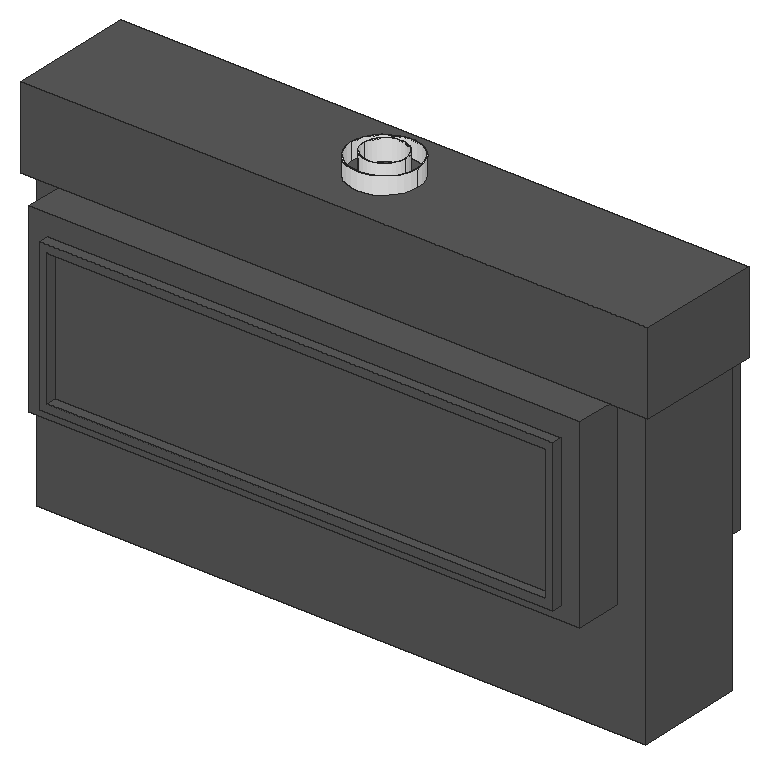
Revit family "R520ST", category Generic Models, Revit 2019
Family settings
  Can host rebar = No
  Round Connector Dimension = Use Diameter
  Part Type = Normal
  Work Plane-Based = No
  Always vertical = Yes
  Cut with Voids When Loaded = No
  Shared = No
  Room Calculation Point = No
Parameters
  Width = 12 5/16"
  URL = "https://www.montigo.com/"
  Model = ""
  Manufacturer Fax = ""
  Manufacturer Website = "https://www.montigo.com/"
  Manufacturer Phone - Toll Free = "800-378-3115"
  Manufacturer Phone = ""
  Manufacturer Address = "27342 Gloucester Way  Langley, BC, Canada   V4W 4A1"
  Manufacturer = "Montigo"
  Length = 53 7/16"
  Keynote = ""
  Glazing Tint = Glass - Montigo - Tint as Specified
  Frame Material = Metal - Montigo - Black
  Firebox Material = Metal - Montigo - White
  Fire Place Length = 50 5/16"
  Fire Place Height = 24 1/2"
  Fire Place - Opening = 16 9/16"
  Description = "Montigo Fireplace as Specified"
  Base Height = 6 9/16"
Reference planes (in)
  plane 1 "Center (Front/Back)": y = 0
  plane 2: z = 0
  plane 3 "Center (Left/Right)": x = 0
Forms (in)
  Extrusion 1, solid, material "Metal - Montigo - Black" <- "Frame Material"
    sketch origin (0, 0, 0) x (1, 0, 0) y (0, 1, 0)
      loop
        line (-36.21898, 6.4375) -> (-36.21898, -6.4375) -> (36.21852, -6.4375) -> (36.21852, 6.4375) -> (-36.21898, 6.4375)
    from 0 to 35.532
  Extrusion 2, solid, material "Metal - Montigo - Black" <- "Frame Material"
    sketch origin (0, 0, 0) x (1, 0, 0) y (0, 1, 0)
      loop
        line (-37.34398, 7.4375) -> (-37.34398, -7.4375) -> (37.34352, -7.4375) -> (37.34352, 7.4375) -> (-37.34398, 7.4375)
    from 45.214 to 35.532
  Extrusion 3, solid, material "Metal - Montigo - Black" <- "Frame Material"
    sketch origin (42.25, -6.4375, 0) x (-1, 0, 0) y (0, 0, -1)
      loop
        line (74.99498, -13.624) -> (9.50548, -13.624) -> (9.50548, -35.532) -> (74.99498, -35.532) -> (74.99498, -13.624)
    from 0 to 5.4345
  Extrusion 4, solid, material "Metal - Montigo - Black" <- "Frame Material"
    sketch origin (42.25, -6.4375, 0) x (-1, 0, 0) y (0, 0, -1)
      loop
        line (72.76823, -15.11) -> (11.73123, -15.11) -> (11.73123, -33.054) -> (72.76823, -33.054) -> (72.76823, -15.11)
      loop
        line (71.88577, -32.139) -> (71.88577, -16.11) -> (12.61423, -16.11) -> (12.61423, -32.139) -> (71.88577, -32.139)
    from 6.64935 to 5.4345
  Extrusion 5, solid, material "Metal - Montigo - Black" <- "Frame Material"
    sketch origin (42.25, 6.4375, 0) x (-1, 0, 0) y (0, 0, 1)
      loop
        line (74.99498, 13.624) -> (74.99498, 35.532) -> (9.50548, 35.532) -> (9.50548, 13.624) -> (74.99498, 13.624)
    from 0 to 5.4345
  Extrusion 6, solid, material "Metal - Montigo - Black" <- "Frame Material"
    sketch origin (42.25, 6.4375, 0) x (-1, 0, 0) y (0, 0, 1)
      loop
        line (72.76823, 15.11) -> (72.76823, 33.054) -> (11.73123, 33.054) -> (11.73123, 15.11) -> (72.76823, 15.11)
      loop
        line (71.88577, 32.139) -> (12.61423, 32.139) -> (12.61423, 16.11) -> (71.88577, 16.11) -> (71.88577, 32.139)
    from 6.64935 to 5.4345
Dimensions and locks (in)
  Extrusion 2 to Extrusion 1 = 45.214"
  Extrusion 2 to Extrusion 2 to level = 9.682", 35.532"
  Extrusion 2 to Extrusion 4 to Extrusion 4 to level = 12.16", 17.944", 15.11"
  Extrusion 4 to Extrusion 4 = 61.037"
  Extrusion 4 to plane 3 "Center (Left/Right)" to Extrusion 4 = 30.51877", 30.51823"
  Extrusion 2 to Extrusion 2 = 74 11/16"  (x2)
  Extrusion 2 to Extrusion 2 = 14 7/8"
  locked: Extrusion 2 to Extrusion 1 at 1.125  (x2)
  locked: Extrusion 1 to Extrusion 3 at 3.474  (x2)
  Extrusion 3 to Extrusion 3 = 65.4895"
  Extrusion 5 to Extrusion 5 = 65.4895"
  aligned and locked: level to plane 2
Nested families (in)
  nested 1: "Duct Dia" at (0, 0, 45.214) x (-1, 0, 0) z (0, 0, 1), type "5""
    with Intake Duct Dia 5", Intake Diameter 4 7/8", Height 2 1/2"
  nested 2: "Duct Dia" at (0, 0, 45.214) x (-1, 0, 0) z (0, 0, 1), type "8""
    with Intake Duct Dia 8", Intake Diameter 7 7/8", Height 2"
Connectors (in)
  hvac at (0, 0, 47.714)
    settings: on nested 1, index 2, duct flow 0.0 L/s, flow factor 0, pres drop 0.0 Pa, loss coef 0, conn angle 0.00°, conn width 304.8 mm, conn height 304.8 mm, conn diameter 127 mm, duct sys type 3, conn prof type 0, flow config 0, flow direction 0, loss method 0, conn ref index -1, conn util no, is conn primary yes, conn desc ""
  hvac at (0, 0, 47.214)
    settings: on nested 2, index 3, duct flow 0.0 L/s, flow factor 0, pres drop 0.0 Pa, loss coef 0, conn angle 0.00°, conn width 304.8 mm, conn height 304.8 mm, conn diameter 203.2 mm, duct sys type 3, conn prof type 0, flow config 0, flow direction 0, loss method 0, conn ref index -1, conn util no, is conn primary no, conn desc ""
Definition of nested family "Duct Dia"
  Parameters (values of type "15 7/8" Dia.")
    Intake Duct Dia = 15 7/8"
    Intake Diameter = Intake Duct Dia - 1/8"  # 15 3/4"
    Height = 4"
    Firebox Material = none
    Default Elevation = 48"
  Types (12): name | Intake Duct Dia | Intake Diameter | Height
    9 7/8" Dia. | 9 7/8" | 9 3/4" | 4"
    7 7/8" Dia | 7 7/8" | 7 3/4" | 4"
    8 1/8" Dia | 8 1/8" | 8" | 1/4"
    11 3/4" Dia | 11 3/4" | 11 5/8" | 4"
    4" Dia | 10" | 9 7/8" | 4"
    7 3/4" Dia | 7 3/4" | 7 5/8" | 4"
    6 7/8" Dia | 6 7/8" | 6 3/4" | 1/4"
    9 3/4" Dia. | 9 3/4" | 9 5/8" | 4"
    7 1/8" Dia | 7 1/8" | 7" | 1/4"
    11 7/8" Dia. | 11 7/8" | 11 3/4" | 4"
    13 7/8" Dia. | 13 7/8" | 13 3/4" | 4"
    15 7/8" Dia. | 15 7/8" | 15 3/4" | 4"
  Reference planes (in)
    plane 1 "Center (Front/Back)": y = 0
    plane 2: z = 0
    plane 3 "Center (Left/Right)": x = 0
    plane 4: z = 4
  Forms (in)
    Extrusion 1, solid
      sketch origin (0, 0, 0) x (1, 0, 0) y (0, 1, 0)
        loop
          line (-48, 48) -> (-48, -48) -> (48, -48) -> (48, 48) -> (-48, 48)
      from 0 to -12
    Extrusion 2, solid, material <- "Firebox Material"
      sketch origin (0, 0, 0) x (1, 0, 0) y (0, 1, 0)
        loop
          circle (0, 0) r 7.9375
        loop
          circle (0, 0) r 7.875
      from 0 to 4
  Dimensions and locks (in)
    "Height": plane 4 to level
    "Intake Duct Dia": diameter of Extrusion 2 sketch curve
    "Intake Diameter": diameter of Extrusion 2 sketch curve
    aligned and locked: plane 2 to Extrusion 1
    aligned and locked: level to Extrusion 1
    aligned and locked: plane 4 to Extrusion 2
  Automatic sketch dimensions
    Extrusion 1 sketch curve to Extrusion 1 sketch curve = 96"  (x2)
    Extrusion 2 sketch curve to Extrusion 2 sketch curve = 0"  (x2)
    plane 1 "Center (Front/Back)" to Extrusion 2 sketch curve = 0"
    Extrusion 2 sketch curve to plane 3 "Center (Left/Right)" = 0"
